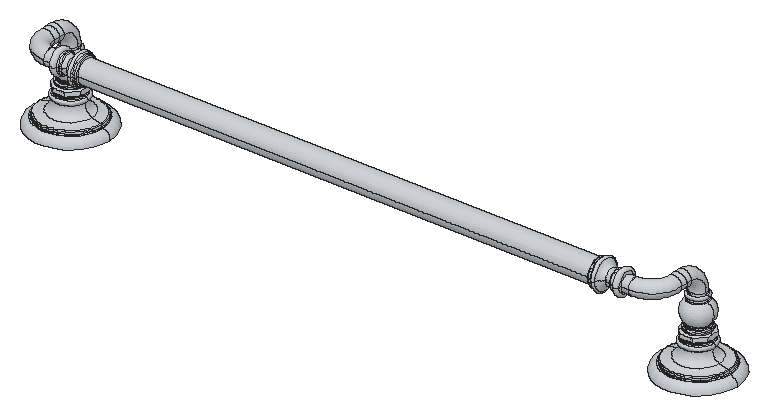
Revit family "Accessory-Towel_Bar-KOHLER-Artifacts-K-72568", category Specialty Equipment, host Face, Revit 2015
Parameters (values of type "CP-Polsihed Chrome")
  Width = 3 1/2"  # constant formula
  URL = "https://www.us.kohler.com/us/"
  Type = 1
  Product Page URL = "http://www.us.kohler.com/us/catalog/productDetails.jsp?productNumber=72568"
  Product Name = "Artifacts"  # constant formula
  Product Documentation Link = "http://www.us.kohler.com/onlinecatalog/pdf/K-72568_spec.pdf"
  Model = if(Type = 1, "K-72568-CP", if(Type = 2, "K-72568-SN", if(Type = 3, "K-72568-BN", if(Type = 4, "K-72568-BV", if(Type = 5, "K-72568-2BZ", if(Type = 6, "K-72568-VNT", "NA"))))))  # "K-72568-CP"
  Material = "Premium Metal Construction"  # constant formula
  MasterFormat 2004 = "10.28.13"  # constant formula
  MasterFormat 1995 = "10820"  # constant formula
  Manufacturer Address = "444 Highland Dr, Kohler, WI 53044"  # constant formula
  Manufacturer = "KOHLER Co."  # constant formula
  Length = 24"  # constant formula
  Height = 3"  # constant formula
  Finish = Kohler-Metal-CP-Polished_Chrome
  Environmental Product Declaration = ""
  Description = "24 Inch Towel Bar"  # constant formula
  Default Elevation = 42"
  Declare Label = ""
  Date Modified = "10/10/2018"  # constant formula
  Date Created = "10/10/2018"  # constant formula
  Copyright = "Copyright KOHLER Co."  # constant formula
  Contact Us = "https://www.us.kohler.com/us/static/contact.jsp"
  Assembly Code = "C1030200"
  ADA Compliant = 1 = 0  # no
Reference planes (in)
  plane 1 "Center (Front/Back)": y = 0
  plane 2: z = 0
  plane 3 "Center (Left/Right)": x = 0
  plane 4: x = -12
  plane 5: x = 12
  plane 6: y = -1.99907
  plane 7: y = 1.50093
  plane 8: y = -1.49907
  plane 9: z = 3.5
Dimensions and locks (in)
  "Length": plane 4 to plane 5
  equal spacing: plane 4, plane 3 "Center (Left/Right)", plane 5
  "Height": plane 7 to plane 8
  "Width": plane 2 to plane 9
  aligned and locked: plane 2 to host face
  aligned and locked: level to host face
  aligned and locked: plane 4 to nested 1
  aligned and locked: plane 5 to nested 1
Automatic sketch dimensions
  host sketch curve to host sketch curve = 96"  (x2)
Nested families (in)
  nested 1: "K-72568" at (0, 0, 0) x (-1, 0, 0) z (0, 0, 1), type "K-72568"
Definition of nested family "K-72568"
  Parameters (values of type "K-72568")
    Towel Bar Length = 24"
    Material = none
  Reference planes (in)
    plane 1 "Center (Front/Back)": y = 0
    plane 2: z = 0
    plane 3 "Center (Left/Right)": x = 0
    plane 4: y = 1.99907
    plane 5: y = -1.50093
    plane 6 "B": x = -12
    plane 7 "C": x = 12
    plane 8 "A": z = 3.5
  Forms (in)
    Revolve 1, solid, material <- "Material", detail levels medium+fine
      sketch origin (0, 0, 0) x (1, 0, 0) y (0, 0, 1)
        loop
          line (-12, 2.71528) -> (-12, 0) -> (-10.49907, 0)
          arc (-10.49907, 0) -> (-10.57054, 0.1994) -> (-10.7524, 0.30799) r 0.31389
          arc (-10.7524, 0.30799) -> (-10.77514, 0.3133) -> (-10.79746, 0.32019) r 0.33281
          arc (-10.79746, 0.32019) -> (-10.81457, 0.33302) -> (-10.82108, 0.35339) r 0.03516
          line (-10.82108, 0.35339) -> (-10.82108, 0.41171)
          arc (-10.82108, 0.41171) -> (-10.8288, 0.43197) -> (-10.84805, 0.44196) r 0.03045
          arc (-10.84805, 0.44196) -> (-11.02743, 0.47459) -> (-11.20101, 0.53036) r 1.39392
          arc (-11.20101, 0.53036) -> (-11.40093, 0.71815) -> (-11.41766, 0.99193) r 0.37177
          arc (-11.41766, 0.99193) -> (-11.40906, 1.00567) -> (-11.39504, 1.0138) r 0.03371
          arc (-11.39504, 1.0138) -> (-11.35097, 1.0821) -> (-11.41237, 1.13536) r 0.06202
          line (-11.41237, 1.13536) -> (-11.45712, 1.13536)
          arc (-11.45712, 1.13536) -> (-11.47922, 1.14452) -> (-11.48837, 1.16661) r 0.03125
          line (-11.48837, 1.16661) -> (-11.48837, 1.2193)
          arc (-11.48837, 1.2193) -> (-11.47622, 1.24925) -> (-11.44663, 1.26225) r 0.04297
          line (-11.44663, 1.26225) -> (-11.35559, 1.32681) -> (-11.35559, 1.40268) -> (-11.50016, 1.48615) -> (-11.53751, 1.48615)
          arc (-11.53751, 1.48615) -> (-11.51654, 1.49483) -> (-11.50786, 1.51579) r 0.02964
          line (-11.50786, 1.51579) -> (-11.50786, 1.5771)
          arc (-11.50786, 1.5771) -> (-11.51697, 1.59909) -> (-11.53896, 1.60819) r 0.0311
          line (-11.53896, 1.60819) -> (-11.57507, 1.60819)
          arc (-11.57507, 1.60819) -> (-11.59717, 1.61735) -> (-11.60632, 1.63944) r 0.03125
          line (-11.60632, 1.63944) -> (-11.60632, 1.68221)
          arc (-11.60632, 1.68221) -> (-11.60079, 1.7072) -> (-11.58523, 1.72752) r 0.05922
          arc (-11.58523, 1.72752) -> (-11.41679, 2.11247) -> (-11.6202, 2.48014) r 0.4743
          arc (-11.6202, 2.48014) -> (-11.63871, 2.50111) -> (-11.64539, 2.52828) r 0.05859
          line (-11.64539, 2.52828) -> (-11.64539, 2.61223)
          arc (-11.64539, 2.61223) -> (-11.6012, 2.66723) -> (-11.65286, 2.71528) r 0.0518
          line (-11.65286, 2.71528) -> (-12, 2.71528)
        axis (-12, 0) -> (-12, 2.71528)
      angle from 0 to 360
    Sweep 2, solid, material <- "Material", detail levels medium+fine
      path origin (0, 0.03576, 3.5) x (0, 1, 0) y (-1, 0, 0)
        loop
          line (1.96331, 10.87008) -> (1.96331, 11.17578)
          arc (1.96331, 11.17578) -> (1.7219, 11.75859) -> (1.13909, 12) r 0.82422
          line (1.13909, 12) -> (0.88909, 12)
      profile origin (-11.02293, 1.99907, 3.5) x (0, -1, 0) y (0, 0, 1)
        loop
          circle (0, 0) r 0.29625
    Revolve 3, solid, material <- "Material", detail levels medium+fine
      sketch origin (0, 0, 3.5) x (0, 1, 0) y (-1, 0, 0)
        loop
          line (1.99907, -10.87008) -> (2.36984, -10.87008)
          arc (2.36984, -10.87008) -> (2.47634, -10.76851) -> (2.37993, -10.65732) r 0.10662
          line (2.37993, -10.65732) -> (2.37993, -10.55096)
          arc (2.37993, -10.55096) -> (2.3751, -10.53201) -> (2.3618, -10.51767) r 0.03963
          arc (2.3618, -10.51767) -> (2.34714, -10.50584) -> (2.33531, -10.49119) r 0.08906
          arc (2.33531, -10.49119) -> (2.2988, -10.3972) -> (2.30242, -10.29642) r 0.24986
          arc (2.30242, -10.29642) -> (2.38658, -10.14924) -> (2.53612, -10.06934) r 0.3064
          arc (2.53612, -10.06934) -> (2.58471, -10.01588) -> (2.54959, -9.95274) r 0.06194
          arc (2.54959, -9.95274) -> (2.52491, -9.93096) -> (2.51573, -9.89935) r 0.05903
          line (2.51573, -9.89935) -> (2.51573, -9.81717)
          arc (2.51573, -9.81717) -> (2.50701, -9.79612) -> (2.48596, -9.7874) r 0.02977
          line (2.48596, -9.7874) -> (2.43316, -9.7874) -> (2.43316, 9.7874) -> (2.48596, 9.7874)
          arc (2.48596, 9.7874) -> (2.50701, 9.79612) -> (2.51573, 9.81717) r 0.02977
          line (2.51573, 9.81717) -> (2.51573, 9.89935)
          arc (2.51573, 9.89935) -> (2.52491, 9.93096) -> (2.54959, 9.95274) r 0.05903
          arc (2.54959, 9.95274) -> (2.58471, 10.01588) -> (2.53612, 10.06934) r 0.06194
          arc (2.53612, 10.06934) -> (2.38658, 10.14924) -> (2.30242, 10.29642) r 0.3064
          arc (2.30242, 10.29642) -> (2.2988, 10.3972) -> (2.33531, 10.49119) r 0.24986
          arc (2.33531, 10.49119) -> (2.34714, 10.50584) -> (2.3618, 10.51767) r 0.08906
          arc (2.3618, 10.51767) -> (2.3751, 10.53201) -> (2.37993, 10.55096) r 0.03963
          line (2.37993, 10.55096) -> (2.37993, 10.65732)
          arc (2.37993, 10.65732) -> (2.47634, 10.76851) -> (2.36984, 10.87008) r 0.10662
          line (2.36984, 10.87008) -> (2.29531, 10.87008) -> (1.99907, 10.87008) -> (1.99907, -10.87008)
        axis (1.99907, 10.87008) -> (1.99907, -10.87008)
      angle from 0 to 360
    Extrusion 4, void
      sketch origin (0, 0, 0) x (1, 0, 0) y (0, 1, 0)
        loop
          line (-12.5625, 0.233) -> (-12.5625, -0.233) -> (-12.233, -0.5625) -> (-11.767, -0.5625) -> (-11.4375, -0.233) -> (-11.4375, 0.233) -> (-11.767, 0.5625) -> (-12.233, 0.5625) -> (-12.5625, 0.233)
        loop
          circle (-12, 0) r 0.8824
      from 1.25114 to 1.48615
    Revolve 5, solid, material <- "Material", detail levels coarse
      sketch origin (0, 0, 0) x (1, 0, 0) y (0, 0, 1)
        loop
          line (-12, 0) -> (-12, 3.06322) -> (-12.29529, 3.06322) -> (-12.29529, 2.71528) -> (-12.42493, 2.71528) -> (-13.50093, 0) -> (-12, 0)
        axis (-12, 0) -> (-12, 3.06322)
      angle from 0 to 360
    Extrusion 6, solid, material <- "Material", detail levels coarse
      sketch origin (0, 0, 0) x (1, 0, 0) y (0, 1, 0)
        loop
          line (-12.39407, -0.36557) -> (-11.62654, -0.36557) -> (-11.62654, 1.41301) -> (11.59173, 1.41301) -> (11.59173, -0.34297) -> (12.38774, -0.34297) -> (12.38774, 2.58512) -> (-12.39407, 2.58512) -> (-12.39407, -0.36557)
      from 2.9322 to 4.09825
    Revolve 7, solid, material <- "Material", detail levels coarse
      sketch origin (0, 0, 0) x (-1, 0, 0) y (0, 0, 1)
        loop
          line (-12, 0) -> (-12, 3.08391) -> (-12.29529, 3.08391) -> (-12.29529, 2.71528) -> (-12.42493, 2.71528) -> (-13.50093, 0) -> (-12, 0)
        axis (-12, 0) -> (-12, 3.08391)
      angle from 0 to 360
    Sweep 8, solid, material <- "Material", detail levels medium+fine
      path origin (-12, 0, 0) x (0, 0, -1) y (0, -1, 0)
        loop
          line (-3.5, -0.92485) -> (-3.5, -0.69922)
          arc (-3.5, -0.69922) -> (-3.2952, -0.2048) -> (-2.80078, 0) r 0.69922
          line (-2.80078, 0) -> (-2.71528, 0)
      profile origin (-12, 0, 2.75803) x (-1, 0, 0) y (0, -1, 0)
        loop
          circle (0, 0) r 0.29625
    Sweep 9, solid, material <- "Material", detail levels medium+fine
      path origin (12, 0, 0) x (0, 0, -1) y (0, -1, 0)
        loop
          line (-3.5, -0.92485) -> (-3.5, -0.69922)
          arc (-3.5, -0.69922) -> (-3.2952, -0.2048) -> (-2.80078, 0) r 0.69922
          line (-2.80078, 0) -> (-2.71528, 0)
      profile origin (12, 0, 2.75803) x (-1, 0, 0) y (0, -1, 0)
        loop
          circle (0, 0) r 0.29625
    Sweep 10, solid, material <- "Material", detail levels medium+fine
      path origin (0, 0.03576, 3.5) x (0, 1, 0) y (1, 0, 0)
        loop
          line (1.96331, 10.87008) -> (1.96331, 11.17578)
          arc (1.96331, 11.17578) -> (1.7219, 11.75859) -> (1.13909, 12) r 0.82422
          line (1.13909, 12) -> (0.88909, 12)
      profile origin (11.02293, 1.99907, 3.5) x (0, 1, 0) y (0, 0, 1)
        loop
          circle (0, 0) r 0.29625
    Revolve 11, solid, material <- "Material", detail levels medium+fine
      sketch origin (0, 0, 0) x (-1, 0, 0) y (0, 0, 1)
        loop
          line (-12, 2.71528) -> (-12, 0) -> (-10.49907, 0)
          arc (-10.49907, 0) -> (-10.57054, 0.1994) -> (-10.7524, 0.30799) r 0.31389
          arc (-10.7524, 0.30799) -> (-10.77514, 0.3133) -> (-10.79746, 0.32019) r 0.33281
          arc (-10.79746, 0.32019) -> (-10.81457, 0.33302) -> (-10.82108, 0.35339) r 0.03516
          line (-10.82108, 0.35339) -> (-10.82108, 0.41171)
          arc (-10.82108, 0.41171) -> (-10.8288, 0.43197) -> (-10.84805, 0.44196) r 0.03045
          arc (-10.84805, 0.44196) -> (-11.02743, 0.47459) -> (-11.20101, 0.53036) r 1.39392
          arc (-11.20101, 0.53036) -> (-11.40093, 0.71815) -> (-11.41766, 0.99193) r 0.37177
          arc (-11.41766, 0.99193) -> (-11.40906, 1.00567) -> (-11.39504, 1.0138) r 0.03371
          arc (-11.39504, 1.0138) -> (-11.35097, 1.0821) -> (-11.41237, 1.13536) r 0.06202
          line (-11.41237, 1.13536) -> (-11.45712, 1.13536)
          arc (-11.45712, 1.13536) -> (-11.47922, 1.14452) -> (-11.48837, 1.16661) r 0.03125
          line (-11.48837, 1.16661) -> (-11.48837, 1.2193)
          arc (-11.48837, 1.2193) -> (-11.47622, 1.24925) -> (-11.44663, 1.26225) r 0.04297
          line (-11.44663, 1.26225) -> (-11.35559, 1.32681) -> (-11.35559, 1.40268) -> (-11.50016, 1.48615) -> (-11.53751, 1.48615)
          arc (-11.53751, 1.48615) -> (-11.51654, 1.49483) -> (-11.50786, 1.51579) r 0.02964
          line (-11.50786, 1.51579) -> (-11.50786, 1.5771)
          arc (-11.50786, 1.5771) -> (-11.51697, 1.59909) -> (-11.53896, 1.60819) r 0.0311
          line (-11.53896, 1.60819) -> (-11.57507, 1.60819)
          arc (-11.57507, 1.60819) -> (-11.59717, 1.61735) -> (-11.60632, 1.63944) r 0.03125
          line (-11.60632, 1.63944) -> (-11.60632, 1.68221)
          arc (-11.60632, 1.68221) -> (-11.60079, 1.7072) -> (-11.58523, 1.72752) r 0.05922
          arc (-11.58523, 1.72752) -> (-11.41679, 2.11247) -> (-11.6202, 2.48014) r 0.4743
          arc (-11.6202, 2.48014) -> (-11.63871, 2.50111) -> (-11.64539, 2.52828) r 0.05859
          line (-11.64539, 2.52828) -> (-11.64539, 2.61223)
          arc (-11.64539, 2.61223) -> (-11.6012, 2.66723) -> (-11.65286, 2.71528) r 0.0518
          line (-11.65286, 2.71528) -> (-12, 2.71528)
        axis (-12, 0) -> (-12, 2.71528)
      angle from 0 to 360
    Extrusion 12, void
      sketch origin (0, 0, 0) x (-1, 0, 0) y (0, -1, 0)
        loop
          line (-12.5625, -0.233) -> (-12.233, -0.5625) -> (-11.767, -0.5625) -> (-11.4375, -0.233) -> (-11.4375, 0.233) -> (-11.767, 0.5625) -> (-12.233, 0.5625) -> (-12.5625, 0.233) -> (-12.5625, -0.233)
        loop
          circle (-12, 0) r 0.8824
      from 1.25114 to 1.48615
  Cuts and joins
    Extrusion 12 cuts Revolve 5
    joined: Revolve 5, Extrusion 6, Revolve 7
    Extrusion 4, Extrusion 12 cuts Revolve 1
    Extrusion 12 cuts Sweep 2
    Extrusion 12 cuts Revolve 3
    Extrusion 12 cuts Sweep 8
    Extrusion 12 cuts Revolve 11
    joined: Revolve 1, Sweep 2, Revolve 3, Sweep 8, Sweep 9, Sweep 10, Revolve 11
  Lines and regions (in)
    Masking region 1
      outline origin (0, 0, 0) x (1, 0, 0) y (0, 0, 1)
        loop
          line (-12, 0) -> (-10.49907, 0)
          arc (-10.49907, 0) -> (-10.57054, 0.1994) -> (-10.7524, 0.30799) r 0.31389
          arc (-10.7524, 0.30799) -> (-10.77514, 0.3133) -> (-10.79746, 0.32019) r 0.33281
          arc (-10.79746, 0.32019) -> (-10.81457, 0.33302) -> (-10.82108, 0.35339) r 0.03516
          line (-10.82108, 0.35339) -> (-10.82108, 0.41171)
          arc (-10.82108, 0.41171) -> (-10.8288, 0.43197) -> (-10.84805, 0.44196) r 0.03045
          arc (-10.84805, 0.44196) -> (-11.02743, 0.47459) -> (-11.20101, 0.53036) r 1.39392
          arc (-11.20101, 0.53036) -> (-11.40093, 0.71815) -> (-11.41766, 0.99193) r 0.37177
          arc (-11.41766, 0.99193) -> (-11.40906, 1.00567) -> (-11.39504, 1.0138) r 0.03371
          arc (-11.39504, 1.0138) -> (-11.35097, 1.0821) -> (-11.41237, 1.13536) r 0.06202
          line (-11.41237, 1.13536) -> (-11.45712, 1.13536)
          arc (-11.45712, 1.13536) -> (-11.47922, 1.14452) -> (-11.48837, 1.16661) r 0.03125
          line (-11.48837, 1.16661) -> (-11.48837, 1.2193)
          arc (-11.48837, 1.2193) -> (-11.48271, 1.24062) -> (-11.46722, 1.25632) r 0.04297
          line (-11.46722, 1.25632) -> (-11.4375, 1.26872) -> (-11.4375, 1.44997) -> (-11.50016, 1.48615) -> (-11.53751, 1.48615)
          arc (-11.53751, 1.48615) -> (-11.51654, 1.49483) -> (-11.50786, 1.51579) r 0.02964
          line (-11.50786, 1.51579) -> (-11.50786, 1.5771)
          arc (-11.50786, 1.5771) -> (-11.51697, 1.59909) -> (-11.53896, 1.60819) r 0.0311
          line (-11.53896, 1.60819) -> (-11.57507, 1.60819)
          arc (-11.57507, 1.60819) -> (-11.59717, 1.61735) -> (-11.60632, 1.63944) r 0.03125
          line (-11.60632, 1.63944) -> (-11.60632, 1.68221)
          arc (-11.60632, 1.68221) -> (-11.60079, 1.7072) -> (-11.58523, 1.72752) r 0.05922
          arc (-11.58523, 1.72752) -> (-11.41679, 2.11247) -> (-11.6202, 2.48014) r 0.4743
          arc (-11.6202, 2.48014) -> (-11.63871, 2.50111) -> (-11.64539, 2.52828) r 0.05859
          line (-11.64539, 2.52828) -> (-11.64539, 2.61223)
          arc (-11.64539, 2.61223) -> (-11.6012, 2.66723) -> (-11.65286, 2.71528) r 0.0518
          line (-11.65286, 2.71528) -> (-11.70375, 2.71528) -> (-11.70375, 3.20375) -> (-10.87008, 3.20375) -> (-10.87008, 3.12923)
          arc (-10.87008, 3.12923) -> (-10.76851, 3.02273) -> (-10.65732, 3.11914) r 0.10662
          line (-10.65732, 3.11914) -> (-10.55096, 3.11914)
          arc (-10.55096, 3.11914) -> (-10.53201, 3.12397) -> (-10.51767, 3.13727) r 0.03963
          arc (-10.51767, 3.13727) -> (-10.50584, 3.15192) -> (-10.49119, 3.16376) r 0.08906
          arc (-10.49119, 3.16376) -> (-10.3972, 3.20027) -> (-10.29642, 3.19665) r 0.24986
          arc (-10.29642, 3.19665) -> (-10.14924, 3.11249) -> (-10.06934, 2.96294) r 0.3064
          arc (-10.06934, 2.96294) -> (-10.01588, 2.91435) -> (-9.95274, 2.94947) r 0.06194
          arc (-9.95274, 2.94947) -> (-9.93096, 2.97416) -> (-9.89935, 2.98333) r 0.05903
          line (-9.89935, 2.98333) -> (-9.81717, 2.98333)
          arc (-9.81717, 2.98333) -> (-9.79612, 2.99205) -> (-9.7874, 3.0131) r 0.02977
          line (-9.7874, 3.0131) -> (-9.7874, 3.06591) -> (9.7874, 3.06591) -> (9.7874, 3.0131)
          arc (9.7874, 3.0131) -> (9.79612, 2.99205) -> (9.81717, 2.98333) r 0.02977
          line (9.81717, 2.98333) -> (9.89935, 2.98333)
          arc (9.89935, 2.98333) -> (9.93096, 2.97416) -> (9.95274, 2.94947) r 0.05903
          arc (9.95274, 2.94947) -> (10.01588, 2.91435) -> (10.06934, 2.96294) r 0.06194
          arc (10.06934, 2.96294) -> (10.14924, 3.11249) -> (10.29642, 3.19665) r 0.3064
          arc (10.29642, 3.19665) -> (10.3972, 3.20027) -> (10.49119, 3.16376) r 0.24986
          arc (10.49119, 3.16376) -> (10.50584, 3.15192) -> (10.51767, 3.13727) r 0.08906
          arc (10.51767, 3.13727) -> (10.53201, 3.12397) -> (10.55096, 3.11914) r 0.03963
          line (10.55096, 3.11914) -> (10.65732, 3.11914)
          arc (10.65732, 3.11914) -> (10.76851, 3.02273) -> (10.87008, 3.12923) r 0.10662
          line (10.87008, 3.12923) -> (10.87008, 3.20375) -> (11.70375, 3.20375) -> (11.70375, 2.71528) -> (11.65286, 2.71528)
          arc (11.65286, 2.71528) -> (11.6012, 2.66723) -> (11.64539, 2.61223) r 0.0518
          line (11.64539, 2.61223) -> (11.64539, 2.52828)
          arc (11.64539, 2.52828) -> (11.63871, 2.50111) -> (11.6202, 2.48014) r 0.05859
          arc (11.6202, 2.48014) -> (11.41679, 2.11247) -> (11.58523, 1.72752) r 0.4743
          arc (11.58523, 1.72752) -> (11.60079, 1.7072) -> (11.60632, 1.68221) r 0.05922
          line (11.60632, 1.68221) -> (11.60632, 1.63944)
          arc (11.60632, 1.63944) -> (11.59717, 1.61735) -> (11.57507, 1.60819) r 0.03125
          line (11.57507, 1.60819) -> (11.53896, 1.60819)
          arc (11.53896, 1.60819) -> (11.51697, 1.59909) -> (11.50786, 1.5771) r 0.0311
          line (11.50786, 1.5771) -> (11.50786, 1.51579)
          arc (11.50786, 1.51579) -> (11.51654, 1.49483) -> (11.53751, 1.48615) r 0.02964
          line (11.53751, 1.48615) -> (11.50016, 1.48615) -> (11.4375, 1.44997) -> (11.4375, 1.26872) -> (11.46722, 1.25632)
          arc (11.46722, 1.25632) -> (11.48271, 1.24062) -> (11.48837, 1.2193) r 0.04297
          line (11.48837, 1.2193) -> (11.48837, 1.16661)
          arc (11.48837, 1.16661) -> (11.47922, 1.14452) -> (11.45712, 1.13536) r 0.03125
          line (11.45712, 1.13536) -> (11.41237, 1.13536)
          arc (11.41237, 1.13536) -> (11.35097, 1.0821) -> (11.39504, 1.0138) r 0.06202
          arc (11.39504, 1.0138) -> (11.40906, 1.00567) -> (11.41766, 0.99193) r 0.03371
          arc (11.41766, 0.99193) -> (11.40093, 0.71815) -> (11.20101, 0.53036) r 0.37177
          arc (11.20101, 0.53036) -> (11.02743, 0.47459) -> (10.84805, 0.44196) r 1.39392
          arc (10.84805, 0.44196) -> (10.8288, 0.43197) -> (10.82108, 0.41171) r 0.03045
          line (10.82108, 0.41171) -> (10.82108, 0.35339)
          arc (10.82108, 0.35339) -> (10.81457, 0.33302) -> (10.79746, 0.32019) r 0.03516
          arc (10.79746, 0.32019) -> (10.77514, 0.3133) -> (10.7524, 0.30799) r 0.33281
          arc (10.7524, 0.30799) -> (10.57054, 0.1994) -> (10.49907, 0) r 0.31389
          line (10.49907, 0) -> (12, 0) -> (13.50093, 0)
          arc (13.50093, 0) -> (13.42946, 0.1994) -> (13.2476, 0.30799) r 0.31389
          arc (13.2476, 0.30799) -> (13.22486, 0.3133) -> (13.20254, 0.32019) r 0.33281
          arc (13.20254, 0.32019) -> (13.18543, 0.33302) -> (13.17892, 0.35339) r 0.03516
          line (13.17892, 0.35339) -> (13.17892, 0.41171)
          arc (13.17892, 0.41171) -> (13.1712, 0.43197) -> (13.15195, 0.44196) r 0.03045
          arc (13.15195, 0.44196) -> (12.97257, 0.47459) -> (12.79899, 0.53036) r 1.39392
          arc (12.79899, 0.53036) -> (12.59907, 0.71815) -> (12.58234, 0.99193) r 0.37177
          arc (12.58234, 0.99193) -> (12.59094, 1.00567) -> (12.60496, 1.0138) r 0.03371
          arc (12.60496, 1.0138) -> (12.64903, 1.0821) -> (12.58763, 1.13536) r 0.06202
          line (12.58763, 1.13536) -> (12.54288, 1.13536)
          arc (12.54288, 1.13536) -> (12.52078, 1.14452) -> (12.51163, 1.16661) r 0.03125
          line (12.51163, 1.16661) -> (12.51163, 1.2193)
          arc (12.51163, 1.2193) -> (12.51729, 1.24062) -> (12.53278, 1.25632) r 0.04297
          line (12.53278, 1.25632) -> (12.5625, 1.26872) -> (12.5625, 1.44997) -> (12.49984, 1.48615) -> (12.46249, 1.48615)
          arc (12.46249, 1.48615) -> (12.48346, 1.49483) -> (12.49214, 1.51579) r 0.02964
          line (12.49214, 1.51579) -> (12.49214, 1.5771)
          arc (12.49214, 1.5771) -> (12.48303, 1.59909) -> (12.46104, 1.60819) r 0.0311
          line (12.46104, 1.60819) -> (12.42493, 1.60819)
          arc (12.42493, 1.60819) -> (12.40283, 1.61735) -> (12.39368, 1.63944) r 0.03125
          line (12.39368, 1.63944) -> (12.39368, 1.68221)
          arc (12.39368, 1.68221) -> (12.39921, 1.7072) -> (12.41477, 1.72752) r 0.05922
          arc (12.41477, 1.72752) -> (12.58321, 2.11247) -> (12.3798, 2.48014) r 0.4743
          arc (12.3798, 2.48014) -> (12.36129, 2.50111) -> (12.35461, 2.52828) r 0.05859
          line (12.35461, 2.52828) -> (12.35461, 2.61223)
          arc (12.35461, 2.61223) -> (12.3988, 2.66723) -> (12.34714, 2.71528) r 0.0518
          line (12.34714, 2.71528) -> (12.29625, 2.71528) -> (12.29625, 3.5)
          arc (12.29625, 3.5) -> (12.20914, 3.70982) -> (11.99904, 3.79625) r 0.29625
          line (11.99904, 3.79625) -> (10.87008, 3.79625) -> (10.87008, 3.87077)
          arc (10.87008, 3.87077) -> (10.76851, 3.97727) -> (10.65732, 3.88086) r 0.10662
          line (10.65732, 3.88086) -> (10.55096, 3.88086)
          arc (10.55096, 3.88086) -> (10.53201, 3.87603) -> (10.51767, 3.86273) r 0.03963
          arc (10.51767, 3.86273) -> (10.50584, 3.84808) -> (10.49119, 3.83624) r 0.08906
          arc (10.49119, 3.83624) -> (10.3972, 3.79973) -> (10.29642, 3.80335) r 0.24986
          arc (10.29642, 3.80335) -> (10.14924, 3.88751) -> (10.06934, 4.03706) r 0.3064
          arc (10.06934, 4.03706) -> (10.01588, 4.08565) -> (9.95274, 4.05053) r 0.06194
          arc (9.95274, 4.05053) -> (9.93096, 4.02584) -> (9.89935, 4.01667) r 0.05903
          line (9.89935, 4.01667) -> (9.81717, 4.01667)
          arc (9.81717, 4.01667) -> (9.79612, 4.00795) -> (9.7874, 3.9869) r 0.02977
          line (9.7874, 3.9869) -> (9.7874, 3.93409) -> (-9.7874, 3.93409) -> (-9.7874, 3.9869)
          arc (-9.7874, 3.9869) -> (-9.79612, 4.00795) -> (-9.81717, 4.01667) r 0.02977
          line (-9.81717, 4.01667) -> (-9.89935, 4.01667)
          arc (-9.89935, 4.01667) -> (-9.93096, 4.02584) -> (-9.95274, 4.05053) r 0.05903
          arc (-9.95274, 4.05053) -> (-10.01588, 4.08565) -> (-10.06934, 4.03706) r 0.06194
          arc (-10.06934, 4.03706) -> (-10.14924, 3.88751) -> (-10.29642, 3.80335) r 0.3064
          arc (-10.29642, 3.80335) -> (-10.3972, 3.79973) -> (-10.49119, 3.83624) r 0.24986
          arc (-10.49119, 3.83624) -> (-10.50584, 3.84808) -> (-10.51767, 3.86273) r 0.08906
          arc (-10.51767, 3.86273) -> (-10.53201, 3.87603) -> (-10.55096, 3.88086) r 0.03963
          line (-10.55096, 3.88086) -> (-10.65732, 3.88086)
          arc (-10.65732, 3.88086) -> (-10.76851, 3.97727) -> (-10.87008, 3.87077) r 0.10662
          line (-10.87008, 3.87077) -> (-10.87008, 3.79625) -> (-11.99904, 3.79625)
          arc (-11.99904, 3.79625) -> (-12.20914, 3.70982) -> (-12.29625, 3.5) r 0.29625
          line (-12.29625, 3.5) -> (-12.29625, 2.71528) -> (-12.34714, 2.71528)
          arc (-12.34714, 2.71528) -> (-12.3988, 2.66723) -> (-12.35461, 2.61223) r 0.0518
          line (-12.35461, 2.61223) -> (-12.35461, 2.52828)
          arc (-12.35461, 2.52828) -> (-12.36129, 2.50111) -> (-12.3798, 2.48014) r 0.05859
          arc (-12.3798, 2.48014) -> (-12.58321, 2.11247) -> (-12.41477, 1.72752) r 0.4743
          arc (-12.41477, 1.72752) -> (-12.39921, 1.7072) -> (-12.39368, 1.68221) r 0.05922
          line (-12.39368, 1.68221) -> (-12.39368, 1.63944)
          arc (-12.39368, 1.63944) -> (-12.40283, 1.61735) -> (-12.42493, 1.60819) r 0.03125
          line (-12.42493, 1.60819) -> (-12.46104, 1.60819)
          arc (-12.46104, 1.60819) -> (-12.48303, 1.59909) -> (-12.49214, 1.5771) r 0.0311
          line (-12.49214, 1.5771) -> (-12.49214, 1.51579)
          arc (-12.49214, 1.51579) -> (-12.48346, 1.49483) -> (-12.46249, 1.48615) r 0.02964
          line (-12.46249, 1.48615) -> (-12.49984, 1.48615) -> (-12.5625, 1.44997) -> (-12.5625, 1.26872) -> (-12.53278, 1.25632)
          arc (-12.53278, 1.25632) -> (-12.51729, 1.24062) -> (-12.51163, 1.2193) r 0.04297
          line (-12.51163, 1.2193) -> (-12.51163, 1.16661)
          arc (-12.51163, 1.16661) -> (-12.52078, 1.14452) -> (-12.54288, 1.13536) r 0.03125
          line (-12.54288, 1.13536) -> (-12.58763, 1.13536)
          arc (-12.58763, 1.13536) -> (-12.64903, 1.0821) -> (-12.60496, 1.0138) r 0.06202
          arc (-12.60496, 1.0138) -> (-12.59094, 1.00567) -> (-12.58234, 0.99193) r 0.03371
          arc (-12.58234, 0.99193) -> (-12.59907, 0.71815) -> (-12.79899, 0.53036) r 0.37177
          arc (-12.79899, 0.53036) -> (-12.97257, 0.47459) -> (-13.15195, 0.44196) r 1.39392
          arc (-13.15195, 0.44196) -> (-13.1712, 0.43197) -> (-13.17892, 0.41171) r 0.03045
          line (-13.17892, 0.41171) -> (-13.17892, 0.35339)
          arc (-13.17892, 0.35339) -> (-13.18543, 0.33302) -> (-13.20254, 0.32019) r 0.03516
          arc (-13.20254, 0.32019) -> (-13.22486, 0.3133) -> (-13.2476, 0.30799) r 0.33281
          arc (-13.2476, 0.30799) -> (-13.42946, 0.1994) -> (-13.50093, 0) r 0.31389
          line (-13.50093, 0) -> (-12, 0)
    Masking region 2
      outline origin (0, 0, 0) x (0, 1, 0) y (0, 0, 1)
        loop
          line (0, 0) -> (1.50093, 0)
          arc (1.50093, 0) -> (1.42946, 0.1994) -> (1.2476, 0.30799) r 0.31389
          arc (1.2476, 0.30799) -> (1.22486, 0.3133) -> (1.20254, 0.32019) r 0.33281
          arc (1.20254, 0.32019) -> (1.18543, 0.33302) -> (1.17892, 0.35339) r 0.03516
          line (1.17892, 0.35339) -> (1.17892, 0.41171)
          arc (1.17892, 0.41171) -> (1.1712, 0.43197) -> (1.15195, 0.44196) r 0.03045
          arc (1.15195, 0.44196) -> (0.97257, 0.47459) -> (0.79899, 0.53036) r 1.39392
          arc (0.79899, 0.53036) -> (0.59907, 0.71815) -> (0.58234, 0.99193) r 0.37177
          arc (0.58234, 0.99193) -> (0.59094, 1.00567) -> (0.60496, 1.0138) r 0.03371
          arc (0.60496, 1.0138) -> (0.64903, 1.0821) -> (0.58763, 1.13536) r 0.06202
          line (0.58763, 1.13536) -> (0.54288, 1.13536)
          arc (0.54288, 1.13536) -> (0.52078, 1.14452) -> (0.51163, 1.16661) r 0.03125
          line (0.51163, 1.16661) -> (0.51163, 1.2193)
          arc (0.51163, 1.2193) -> (0.51671, 1.23957) -> (0.53076, 1.25505) r 0.04297
          line (0.53076, 1.25505) -> (0.5625, 1.26873) -> (0.5625, 1.44997) -> (0.49984, 1.48615) -> (0.46249, 1.48615)
          arc (0.46249, 1.48615) -> (0.48346, 1.49483) -> (0.49214, 1.51579) r 0.02964
          line (0.49214, 1.51579) -> (0.49214, 1.5771)
          arc (0.49214, 1.5771) -> (0.48303, 1.59909) -> (0.46104, 1.60819) r 0.0311
          line (0.46104, 1.60819) -> (0.42493, 1.60819)
          arc (0.42493, 1.60819) -> (0.40283, 1.61735) -> (0.39368, 1.63944) r 0.03125
          line (0.39368, 1.63944) -> (0.39368, 1.68221)
          arc (0.39368, 1.68221) -> (0.39921, 1.7072) -> (0.41477, 1.72752) r 0.05922
          arc (0.41477, 1.72752) -> (0.58321, 2.11247) -> (0.3798, 2.48014) r 0.4743
          arc (0.3798, 2.48014) -> (0.36129, 2.50111) -> (0.35461, 2.52828) r 0.05859
          line (0.35461, 2.52828) -> (0.35461, 2.61223)
          arc (0.35461, 2.61223) -> (0.3988, 2.66723) -> (0.34714, 2.71528) r 0.0518
          line (0.34714, 2.71528) -> (0.29625, 2.71528) -> (0.29625, 2.82558)
          arc (0.29625, 2.82558) -> (0.42429, 3.09453) -> (0.70142, 3.20377) r 0.40613
          line (0.70142, 3.20377) -> (1.49347, 3.20377)
          arc (1.49347, 3.20377) -> (2.58505, 3.5) -> (1.49347, 3.79623) r 0.58599
          line (1.49347, 3.79623) -> (0.70168, 3.79483)
          arc (0.70168, 3.79483) -> (-0.00364, 3.50483) -> (-0.2961, 2.80051) r 0.99432
          line (-0.2961, 2.80051) -> (-0.2961, 2.71528) -> (-0.34714, 2.71528)
          arc (-0.34714, 2.71528) -> (-0.3988, 2.66723) -> (-0.35461, 2.61223) r 0.0518
          line (-0.35461, 2.61223) -> (-0.35461, 2.52828)
          arc (-0.35461, 2.52828) -> (-0.36129, 2.50111) -> (-0.3798, 2.48014) r 0.05859
          arc (-0.3798, 2.48014) -> (-0.58321, 2.11247) -> (-0.41477, 1.72752) r 0.4743
          arc (-0.41477, 1.72752) -> (-0.39921, 1.7072) -> (-0.39368, 1.68221) r 0.05922
          line (-0.39368, 1.68221) -> (-0.39368, 1.63944)
          arc (-0.39368, 1.63944) -> (-0.40283, 1.61735) -> (-0.42493, 1.60819) r 0.03125
          line (-0.42493, 1.60819) -> (-0.46104, 1.60819)
          arc (-0.46104, 1.60819) -> (-0.48303, 1.59909) -> (-0.49214, 1.5771) r 0.0311
          line (-0.49214, 1.5771) -> (-0.49214, 1.51579)
          arc (-0.49214, 1.51579) -> (-0.48346, 1.49483) -> (-0.46249, 1.48615) r 0.02964
          line (-0.46249, 1.48615) -> (-0.49984, 1.48615) -> (-0.5625, 1.44997) -> (-0.5625, 1.26873) -> (-0.53076, 1.25505)
          arc (-0.53076, 1.25505) -> (-0.51671, 1.23957) -> (-0.51163, 1.2193) r 0.04297
          line (-0.51163, 1.2193) -> (-0.51163, 1.16661)
          arc (-0.51163, 1.16661) -> (-0.52078, 1.14452) -> (-0.54288, 1.13536) r 0.03125
          line (-0.54288, 1.13536) -> (-0.58763, 1.13536)
          arc (-0.58763, 1.13536) -> (-0.64903, 1.0821) -> (-0.60496, 1.0138) r 0.06202
          arc (-0.60496, 1.0138) -> (-0.59094, 1.00567) -> (-0.58234, 0.99193) r 0.03371
          arc (-0.58234, 0.99193) -> (-0.59907, 0.71815) -> (-0.79899, 0.53036) r 0.37177
          arc (-0.79899, 0.53036) -> (-0.97257, 0.47459) -> (-1.15195, 0.44196) r 1.39392
          arc (-1.15195, 0.44196) -> (-1.1712, 0.43197) -> (-1.17892, 0.41171) r 0.03045
          line (-1.17892, 0.41171) -> (-1.17892, 0.35339)
          arc (-1.17892, 0.35339) -> (-1.18543, 0.33302) -> (-1.20254, 0.32019) r 0.03516
          arc (-1.20254, 0.32019) -> (-1.22486, 0.3133) -> (-1.2476, 0.30799) r 0.33281
          arc (-1.2476, 0.30799) -> (-1.42946, 0.1994) -> (-1.50093, 0) r 0.31389
          line (-1.50093, 0) -> (0, 0)
    Masking region 3
      outline origin (0, 0, 0) x (1, 0, 0) y (0, 1, 0)
        loop
          line (-10.87008, 2.36984) -> (-10.87008, 2.29533) -> (-11.23211, 2.29533)
          arc (-11.23211, 2.29533) -> (-11.87444, 2.05219) -> (-12.25406, 1.47984) r 1.11993
          arc (-12.25406, 1.47984) -> (-12.06275, -1.49974) -> (-11.62437, 1.45362) r 1.50124
          arc (-11.62437, 1.45362) -> (-11.43172, 1.63653) -> (-11.17453, 1.70306) r 0.53033
          line (-11.17453, 1.70306) -> (-10.87008, 1.70306) -> (-10.87008, 1.62829)
          arc (-10.87008, 1.62829) -> (-10.76851, 1.52179) -> (-10.65732, 1.6182) r 0.10662
          line (-10.65732, 1.6182) -> (-10.55096, 1.6182)
          arc (-10.55096, 1.6182) -> (-10.53201, 1.62303) -> (-10.51767, 1.63633) r 0.03963
          arc (-10.51767, 1.63633) -> (-10.50584, 1.65099) -> (-10.49119, 1.66282) r 0.08906
          arc (-10.49119, 1.66282) -> (-10.3972, 1.69933) -> (-10.29642, 1.69571) r 0.24986
          arc (-10.29642, 1.69571) -> (-10.14924, 1.61155) -> (-10.06934, 1.46201) r 0.3064
          arc (-10.06934, 1.46201) -> (-10.01588, 1.41342) -> (-9.95274, 1.44854) r 0.06194
          arc (-9.95274, 1.44854) -> (-9.93096, 1.47322) -> (-9.89935, 1.4824) r 0.05903
          line (-9.89935, 1.4824) -> (-9.81717, 1.4824)
          arc (-9.81717, 1.4824) -> (-9.79612, 1.49112) -> (-9.7874, 1.51217) r 0.02977
          line (-9.7874, 1.51217) -> (-9.7874, 1.56497) -> (9.7874, 1.56497) -> (9.7874, 1.51217)
          arc (9.7874, 1.51217) -> (9.79612, 1.49112) -> (9.81717, 1.4824) r 0.02977
          line (9.81717, 1.4824) -> (9.89935, 1.4824)
          arc (9.89935, 1.4824) -> (9.93096, 1.47322) -> (9.95274, 1.44854) r 0.05903
          arc (9.95274, 1.44854) -> (10.01588, 1.41342) -> (10.06934, 1.46201) r 0.06194
          arc (10.06934, 1.46201) -> (10.14924, 1.61155) -> (10.29642, 1.69571) r 0.3064
          arc (10.29642, 1.69571) -> (10.3972, 1.69933) -> (10.49119, 1.66282) r 0.24986
          arc (10.49119, 1.66282) -> (10.50584, 1.65099) -> (10.51767, 1.63633) r 0.08906
          arc (10.51767, 1.63633) -> (10.53201, 1.62303) -> (10.55096, 1.6182) r 0.03963
          line (10.55096, 1.6182) -> (10.65732, 1.6182)
          arc (10.65732, 1.6182) -> (10.76851, 1.52179) -> (10.87008, 1.62829) r 0.10662
          line (10.87008, 1.62829) -> (10.87008, 1.70378) -> (11.17446, 1.70378)
          arc (11.17446, 1.70378) -> (11.43216, 1.63695) -> (11.6249, 1.45331) r 0.53025
          arc (11.6249, 1.45331) -> (12.06237, -1.49964) -> (12.25313, 1.47943) r 1.50093
          arc (12.25313, 1.47943) -> (11.8514, 2.06766) -> (11.17611, 2.29435) r 1.11918
          line (11.17611, 2.29435) -> (10.87008, 2.29435) -> (10.87008, 2.36984)
          arc (10.87008, 2.36984) -> (10.76851, 2.47634) -> (10.65732, 2.37993) r 0.10662
          line (10.65732, 2.37993) -> (10.55096, 2.37993)
          arc (10.55096, 2.37993) -> (10.53201, 2.3751) -> (10.51767, 2.3618) r 0.03963
          arc (10.51767, 2.3618) -> (10.50584, 2.34714) -> (10.49119, 2.33531) r 0.08906
          arc (10.49119, 2.33531) -> (10.3972, 2.2988) -> (10.29642, 2.30242) r 0.24986
          arc (10.29642, 2.30242) -> (10.14924, 2.38658) -> (10.06934, 2.53612) r 0.3064
          arc (10.06934, 2.53612) -> (10.01588, 2.58471) -> (9.95274, 2.54959) r 0.06194
          arc (9.95274, 2.54959) -> (9.93096, 2.52491) -> (9.89935, 2.51573) r 0.05903
          line (9.89935, 2.51573) -> (9.81717, 2.51573)
          arc (9.81717, 2.51573) -> (9.79612, 2.50701) -> (9.7874, 2.48596) r 0.02977
          line (9.7874, 2.48596) -> (9.7874, 2.43316) -> (-9.7874, 2.43316) -> (-9.7874, 2.48596)
          arc (-9.7874, 2.48596) -> (-9.79612, 2.50701) -> (-9.81717, 2.51573) r 0.02977
          line (-9.81717, 2.51573) -> (-9.89935, 2.51573)
          arc (-9.89935, 2.51573) -> (-9.93096, 2.52491) -> (-9.95274, 2.54959) r 0.05903
          arc (-9.95274, 2.54959) -> (-10.01588, 2.58471) -> (-10.06934, 2.53612) r 0.06194
          arc (-10.06934, 2.53612) -> (-10.14924, 2.38658) -> (-10.29642, 2.30242) r 0.3064
          arc (-10.29642, 2.30242) -> (-10.3972, 2.2988) -> (-10.49119, 2.33531) r 0.24986
          arc (-10.49119, 2.33531) -> (-10.50584, 2.34714) -> (-10.51767, 2.3618) r 0.08906
          arc (-10.51767, 2.3618) -> (-10.53201, 2.3751) -> (-10.55096, 2.37993) r 0.03963
          line (-10.55096, 2.37993) -> (-10.65732, 2.37993)
          arc (-10.65732, 2.37993) -> (-10.76851, 2.47634) -> (-10.87008, 2.36984) r 0.10662
    symbolic lines, detail levels medium+fine
      curve 1: line (-12.54699, 0, 1.26225) -> (-11.45301, 0, 1.26225)
      curve 2: spline (-11.4375, 0, 1.30159) -> (-11.46441, 0, 1.29159) -> (-11.49161, 0, 1.28338) -> (-11.51906, 0, 1.27698) -> (-11.54669, 0, 1.2724) -> (-11.57444, 0, 1.26964) -> (-11.60225, 0, 1.26872) -> (-11.63006, 0, 1.26964) -> (-11.65781, 0, 1.2724) -> (-11.68544, 0, 1.27698) -> (-11.71289, 0, 1.28338) -> (-11.7401, 0, 1.29159) -> (-11.767, 0, 1.30159)
      curve 3: arc (-11.767, 0, 1.30159) -> (-12, 0, 1.26872) -> (-12.233, 0, 1.30159) r 0.84235
      curve 4: spline (-12.233, 0, 1.30159) -> (-12.2599, 0, 1.29159) -> (-12.28711, 0, 1.28338) -> (-12.31456, 0, 1.27698) -> (-12.34219, 0, 1.2724) -> (-12.36994, 0, 1.26964) -> (-12.39775, 0, 1.26872) -> (-12.42556, 0, 1.26964) -> (-12.45331, 0, 1.2724) -> (-12.48094, 0, 1.27698) -> (-12.50839, 0, 1.28338) -> (-12.53559, 0, 1.29159) -> (-12.5625, 0, 1.30159)
      curve 5: line (-12.5625, 0, 1.30159) -> (-12.5625, 0, 1.26872)
      curve 6: spline (-12.5625, 0, 1.42321) -> (-12.53541, 0, 1.43136) -> (-12.50812, 0, 1.43805) -> (-12.48067, 0, 1.44326) -> (-12.45309, 0, 1.44698) -> (-12.42544, 0, 1.44922) -> (-12.39775, 0, 1.44997) -> (-12.37005, 0, 1.44922) -> (-12.3424, 0, 1.44698) -> (-12.31483, 0, 1.44326) -> (-12.28738, 0, 1.43805) -> (-12.26009, 0, 1.43136) -> (-12.233, 0, 1.42321)
      curve 7: arc (-12.233, 0, 1.42321) -> (-12, 0, 1.44997) -> (-11.767, 0, 1.42321) r 1.0278
      curve 8: spline (-11.767, 0, 1.42321) -> (-11.73991, 0, 1.43136) -> (-11.71262, 0, 1.43805) -> (-11.68517, 0, 1.44326) -> (-11.6576, 0, 1.44698) -> (-11.62995, 0, 1.44922) -> (-11.60225, 0, 1.44997) -> (-11.57456, 0, 1.44922) -> (-11.54691, 0, 1.44698) -> (-11.51933, 0, 1.44326) -> (-11.49188, 0, 1.43805) -> (-11.46459, 0, 1.43136) -> (-11.4375, 0, 1.42321)
      curve 9: line (-12.233, 0, 1.42321) -> (-12.233, 0, 1.30159)
      curve 10: line (-11.767, 0, 1.42321) -> (-11.767, 0, 1.30159)
      curve 11: line (-12.46249, 0, 1.48615) -> (-11.53751, 0, 1.48615)
      curve 12: line (-12.42493, 0, 1.60819) -> (-11.57507, 0, 1.60819)
      curve 13: line (-12.54288, 0, 1.13536) -> (-11.45712, 0, 1.13536)
      curve 14: line (-12.60496, 0, 1.0138) -> (-11.39504, 0, 1.0138)
      curve 15: line (-13.15195, 0, 0.44196) -> (-10.84805, 0, 0.44196)
      curve 16: line (-13.20254, 0, 0.32019) -> (-10.79746, 0, 0.32019)
      curve 17: line (-12.39368, 0, 1.68221) -> (-11.60632, 0, 1.68221)
      curve 18: line (12.54699, 0, 1.26225) -> (11.45301, 0, 1.26225)
      curve 19: spline (11.4375, 0, 1.30159) -> (11.46441, 0, 1.29159) -> (11.49161, 0, 1.28338) -> (11.51906, 0, 1.27698) -> (11.54669, 0, 1.2724) -> (11.57444, 0, 1.26964) -> (11.60225, 0, 1.26872) -> (11.63006, 0, 1.26964) -> (11.65781, 0, 1.2724) -> (11.68544, 0, 1.27698) -> (11.71289, 0, 1.28338) -> (11.7401, 0, 1.29159) -> (11.767, 0, 1.30159)
      curve 20: arc (11.767, 0, 1.30159) -> (12, 0, 1.26872) -> (12.233, 0, 1.30159) r 0.84235
      curve 21: spline (12.233, 0, 1.30159) -> (12.2599, 0, 1.29159) -> (12.28711, 0, 1.28338) -> (12.31456, 0, 1.27698) -> (12.34219, 0, 1.2724) -> (12.36994, 0, 1.26964) -> (12.39775, 0, 1.26872) -> (12.42556, 0, 1.26964) -> (12.45331, 0, 1.2724) -> (12.48094, 0, 1.27698) -> (12.50839, 0, 1.28338) -> (12.53559, 0, 1.29159) -> (12.5625, 0, 1.30159)
      curve 22: line (12.5625, 0, 1.30159) -> (12.5625, 0, 1.26872)
      curve 23: spline (12.5625, 0, 1.42321) -> (12.53541, 0, 1.43136) -> (12.50812, 0, 1.43805) -> (12.48067, 0, 1.44326) -> (12.45309, 0, 1.44698) -> (12.42544, 0, 1.44922) -> (12.39775, 0, 1.44997) -> (12.37005, 0, 1.44922) -> (12.3424, 0, 1.44698) -> (12.31483, 0, 1.44326) -> (12.28738, 0, 1.43805) -> (12.26009, 0, 1.43136) -> (12.233, 0, 1.42321)
      curve 24: arc (12.233, 0, 1.42321) -> (12, 0, 1.44997) -> (11.767, 0, 1.42321) r 1.0278
      curve 25: spline (11.767, 0, 1.42321) -> (11.73991, 0, 1.43136) -> (11.71262, 0, 1.43805) -> (11.68517, 0, 1.44326) -> (11.6576, 0, 1.44698) -> (11.62995, 0, 1.44922) -> (11.60225, 0, 1.44997) -> (11.57456, 0, 1.44922) -> (11.54691, 0, 1.44698) -> (11.51933, 0, 1.44326) -> (11.49188, 0, 1.43805) -> (11.46459, 0, 1.43136) -> (11.4375, 0, 1.42321)
      curve 26: line (12.233, 0, 1.42321) -> (12.233, 0, 1.30159)
      curve 27: line (11.767, 0, 1.42321) -> (11.767, 0, 1.30159)
      curve 28: line (12.46249, 0, 1.48615) -> (11.53751, 0, 1.48615)
      curve 29: line (12.42493, 0, 1.60819) -> (11.57507, 0, 1.60819)
      curve 30: line (12.54288, 0, 1.13536) -> (11.45712, 0, 1.13536)
      curve 31: line (12.60496, 0, 1.0138) -> (11.39504, 0, 1.0138)
      curve 32: line (13.15195, 0, 0.44196) -> (10.84805, 0, 0.44196)
      curve 33: line (13.20254, 0, 0.32019) -> (10.79746, 0, 0.32019)
      curve 34: line (12.39368, 0, 1.68221) -> (11.60632, 0, 1.68221)
      curve 35: line (0, 1.20254, 0.32019) -> (0, -1.20254, 0.32019)
      curve 36: line (0, 1.15195, 0.44196) -> (0, -1.15195, 0.44196)
      curve 37: line (0, 0.60496, 1.0138) -> (0, -0.60496, 1.0138)
      curve 38: line (0, 0.54288, 1.13536) -> (0, -0.54288, 1.13536)
      curve 39: arc (0, 0, 1.26872) -> (0, 0.1176, 1.27735) -> (0, 0.233, 1.30159) r 0.88158
      curve 40: spline (0, 0.233, 1.30159) -> (0, 0.2599, 1.29159) -> (0, 0.28711, 1.28338) -> (0, 0.31456, 1.27698) -> (0, 0.34219, 1.2724) -> (0, 0.36994, 1.26964) -> (0, 0.39775, 1.26872) -> (0, 0.42556, 1.26964) -> (0, 0.45331, 1.2724) -> (0, 0.48094, 1.27698) -> (0, 0.50839, 1.28338) -> (0, 0.53559, 1.29159) -> (0, 0.5625, 1.30159)
      curve 41: spline (0, -0.5625, 1.30159) -> (0, -0.53559, 1.29159) -> (0, -0.50839, 1.28338) -> (0, -0.48094, 1.27698) -> (0, -0.45331, 1.2724) -> (0, -0.42556, 1.26964) -> (0, -0.39775, 1.26872) -> (0, -0.36994, 1.26964) -> (0, -0.34219, 1.2724) -> (0, -0.31456, 1.27698) -> (0, -0.28711, 1.28338) -> (0, -0.2599, 1.29159) -> (0, -0.233, 1.30159)
      curve 42: arc (0, -0.233, 1.30159) -> (0, -0.1176, 1.27735) -> (0, 0, 1.26872) r 0.88158
      curve 43: line (0, 0, 1.48615) -> (0, 0, 1.44997)
      curve 44: arc (0, 0, 1.44997) -> (0, -0.11723, 1.44299) -> (0, -0.233, 1.42321) r 1.07036
      curve 45: spline (0, -0.233, 1.42321) -> (0, -0.26009, 1.43136) -> (0, -0.28738, 1.43805) -> (0, -0.31483, 1.44326) -> (0, -0.3424, 1.44698) -> (0, -0.37005, 1.44922) -> (0, -0.39775, 1.44997) -> (0, -0.42544, 1.44922) -> (0, -0.45309, 1.44698) -> (0, -0.48067, 1.44326) -> (0, -0.50812, 1.43805) -> (0, -0.53541, 1.43136) -> (0, -0.5625, 1.42321)
      curve 46: spline (0, 0.5625, 1.42321) -> (0, 0.53541, 1.43136) -> (0, 0.50812, 1.43805) -> (0, 0.48067, 1.44326) -> (0, 0.45309, 1.44698) -> (0, 0.42544, 1.44922) -> (0, 0.39775, 1.44997) -> (0, 0.37005, 1.44922) -> (0, 0.3424, 1.44698) -> (0, 0.31483, 1.44326) -> (0, 0.28738, 1.43805) -> (0, 0.26009, 1.43136) -> (0, 0.233, 1.42321)
      curve 47: arc (0, 0.233, 1.42321) -> (0, 0.11723, 1.44299) -> (0, 0, 1.44997) r 1.07036
      curve 48: line (0, 0, 1.44997) -> (0, 0, 1.48615)
      curve 49: line (0, 0.233, 1.42321) -> (0, 0.233, 1.30159)
      curve 50: line (0, -0.233, 1.30159) -> (0, -0.233, 1.42321)
      curve 51: line (0, -0.46249, 1.48615) -> (0, 0.46249, 1.48615)
      curve 52: line (0, 0.42493, 1.60819) -> (0, -0.42493, 1.60819)
      curve 53: line (0, 0.41477, 1.72752) -> (0, -0.41477, 1.72752)
      curve 54: line (0, 0.35461, 2.52828) -> (0, -0.35461, 2.52828)
      curve 55: line (0, 0.35461, 2.61223) -> (0, -0.35461, 2.61223)
      curve 56: line (0, 0.29529, 2.71528) -> (0, -0.29529, 2.71528)
      curve 57: line (0, 0.54747, 1.26225) -> (0, -0.54747, 1.26225)
      curve 58: line (-10.87008, 2.29531, 0) -> (-10.87008, 1.70282, 0)
      curve 59: line (-10.65732, 2.37993, 0) -> (-10.65732, 1.6182, 0)
      curve 60: line (-10.51767, 1.63633, 0) -> (-10.51767, 2.3618, 0)
      curve 61: line (-10.06934, 2.53612, 0) -> (-10.06934, 1.46201, 0)
      curve 62: line (-9.95274, 1.44854, 0) -> (-9.95274, 2.54959, 0)
      curve 63: line (-9.7874, 2.43316, 0) -> (-9.7874, 1.56497, 0)
      curve 64: line (-12.29529, 0, 0) -> (-12.29529, 1.20508, 0)
      curve 65: line (-11.7048, 0, 0) -> (-11.7048, 1.17583, 0)
      curve 66: arc (-11.7048, 0, 0) -> (-12.00004, -0.29525, 0) -> (-12.29529, 0, 0) r 0.29525
      curve 67: arc (-12.29529, 0.26919, 0) -> (-12.00003, -0.39953, 0) -> (-11.7048, 0.2692, 0) r 0.39954
      curve 68: arc (-12.29529, 0.50331, 0) -> (-12.00004, -0.58352, 0) -> (-11.7048, 0.50331, 0) r 0.58352
      curve 69: arc (-12.29529, 0.57863, 0) -> (-12.00004, -0.6496, 0) -> (-11.7048, 0.57863, 0) r 0.6496
      curve 70: arc (-12.29529, 1.1408, 0) -> (-11.99996, -1.1784, 0) -> (-11.7048, 1.14083, 0) r 1.1784
      curve 71: line (-12.5625, -0.233, 0) -> (-12.5625, -0.15535, 0)
      curve 72: line (-12.5625, -0.233, 0) -> (-12.50759, -0.28791, 0)
      curve 73: line (-12.233, -0.5625, 0) -> (-12.15524, -0.5625, 0)
      curve 74: line (-12.233, -0.5625, 0) -> (-12.28795, -0.50755, 0)
      curve 75: line (-11.4375, -0.233, 0) -> (-11.4375, -0.15506, 0)
      curve 76: line (-11.4375, -0.233, 0) -> (-11.4926, -0.2881, 0)
      curve 77: line (-11.767, -0.5625, 0) -> (-11.84484, -0.5625, 0)
      curve 78: line (-11.767, -0.5625, 0) -> (-11.71194, -0.50744, 0)
      curve 79: line (-12.5625, 0.233, 0) -> (-12.5625, 0.15535, 0)
      curve 80: line (-12.5625, 0.233, 0) -> (-12.50759, 0.28791, 0)
      curve 81: line (-11.4375, 0.233, 0) -> (-11.4375, 0.15506, 0)
      curve 82: line (-11.4375, 0.233, 0) -> (-11.4926, 0.2881, 0)
      curve 83: line (10.87008, 2.29435, 0) -> (10.87008, 1.70378, 0)
      curve 84: line (10.65732, 2.37993, 0) -> (10.65732, 1.6182, 0)
      curve 85: line (10.51767, 1.63633, 0) -> (10.51767, 2.3618, 0)
      curve 86: line (10.06934, 2.53612, 0) -> (10.06934, 1.46201, 0)
      curve 87: line (9.95274, 1.44854, 0) -> (9.95274, 2.54959, 0)
      curve 88: line (9.7874, 2.43316, 0) -> (9.7874, 1.56497, 0)
      curve 89: line (12.29529, 0, 0) -> (12.29529, 1.20508, 0)
      curve 90: line (11.7048, 0, 0) -> (11.7048, 1.17583, 0)
      curve 91: arc (11.7048, 0, 0) -> (12.00004, -0.29525, 0) -> (12.29529, 0, 0) r 0.29525
      curve 92: arc (12.29529, 0.26919, 0) -> (12.00003, -0.39953, 0) -> (11.7048, 0.2692, 0) r 0.39954
      curve 93: arc (12.29529, 0.50331, 0) -> (12.00004, -0.58352, 0) -> (11.7048, 0.50331, 0) r 0.58352
      curve 94: arc (12.29529, 0.57863, 0) -> (12.00004, -0.6496, 0) -> (11.7048, 0.57863, 0) r 0.6496
      curve 95: arc (12.29529, 1.1408, 0) -> (11.99996, -1.1784, 0) -> (11.7048, 1.14083, 0) r 1.1784
      curve 96: line (12.5625, -0.233, 0) -> (12.5625, -0.15535, 0)
      curve 97: line (12.5625, -0.233, 0) -> (12.50759, -0.28791, 0)
      curve 98: line (12.233, -0.5625, 0) -> (12.15524, -0.5625, 0)
      curve 99: line (12.233, -0.5625, 0) -> (12.28795, -0.50755, 0)
      curve 100: line (11.4375, -0.233, 0) -> (11.4375, -0.15506, 0)
      curve 101: line (11.4375, -0.233, 0) -> (11.4926, -0.2881, 0)
      curve 102: line (11.767, -0.5625, 0) -> (11.84484, -0.5625, 0)
      curve 103: line (11.767, -0.5625, 0) -> (11.71194, -0.50744, 0)
      curve 104: line (12.5625, 0.233, 0) -> (12.5625, 0.15535, 0)
      curve 105: line (12.5625, 0.233, 0) -> (12.50759, 0.28791, 0)
      curve 106: line (11.4375, 0.233, 0) -> (11.4375, 0.15506, 0)
      curve 107: line (11.4375, 0.233, 0) -> (11.4926, 0.2881, 0)
      curve 108: arc (-11.7048, 1.17583, 0) -> (-11.68442, 1.32021, 0) -> (-11.6249, 1.45331, 0) r 0.52176
      curve 109: arc (-12.29529, 1.20508, 0) -> (-12.28469, 1.34387, 0) -> (-12.25313, 1.47943, 0) r 0.91383
      curve 110: arc (11.7048, 1.17583, 0) -> (11.68442, 1.32021, 0) -> (11.6249, 1.45331, 0) r 0.52176
      curve 111: arc (12.29529, 1.20508, 0) -> (12.28469, 1.34387, 0) -> (12.25313, 1.47943, 0) r 0.91383
      curve 112: line (-12.35461, 0, 2.52828) -> (-11.64539, 0, 2.52828)
      curve 113: line (-12.35461, 0, 2.61223) -> (-11.64539, 0, 2.61223)
      curve 114: line (-12.29625, 0, 2.71528) -> (-11.70375, 0, 2.71528)
      curve 115: line (-11.70375, 0, 3.20375) -> (-11.70375, 0, 3.5)
      curve 116: line (-10.87008, 0, 3.79625) -> (-10.87008, 0, 3.20375)
      curve 117: line (-10.65732, 0, 3.88086) -> (-10.65732, 0, 3.11914)
      curve 118: line (-10.06934, 0, 4.03706) -> (-10.06934, 0, 2.96294)
      curve 119: line (-9.95274, 0, 4.05053) -> (-9.95274, 0, 2.94947)
      curve 120: line (-9.7874, 0, 3.93409) -> (-9.7874, 0, 3.06591)
      curve 121: line (-10.51767, 0, 3.86273) -> (-10.51767, 0, 3.13727)
      curve 122: arc (-11.70375, 0, 3.5) -> (-11.79018, 0, 3.70914) -> (-11.99904, 0, 3.79625) r 0.29625
      curve 123: line (12.35461, 0, 2.52828) -> (11.64539, 0, 2.52828)
      curve 124: line (12.35461, 0, 2.61223) -> (11.64539, 0, 2.61223)
      curve 125: line (12.29625, 0, 2.71528) -> (11.70375, 0, 2.71528)
      curve 126: line (10.87008, 0, 3.79625) -> (10.87008, 0, 3.20375)
      curve 127: line (10.65732, 0, 3.88086) -> (10.65732, 0, 3.11914)
      curve 128: line (10.06934, 0, 4.03706) -> (10.06934, 0, 2.96294)
      curve 129: line (9.95274, 0, 4.05053) -> (9.95274, 0, 2.94947)
      curve 130: line (9.7874, 0, 3.93409) -> (9.7874, 0, 3.06591)
      curve 131: line (10.51767, 0, 3.86273) -> (10.51767, 0, 3.13727)
      curve 132: line (-12, 1.49347, 3.79623) -> (-12, 1.99907, 3.79623)
      curve 133: line (-12, 1.49347, 3.20377) -> (-12, 1.99907, 3.20377)
      curve 134: arc (-12, 1.99907, 3.79623) -> (-12, 2.2953, 3.5) -> (-12, 1.99907, 3.20377) r 0.29623
      curve 135: arc (-12, 1.59627, 3.79623) -> (-12, 2.49907, 3.5) -> (-12, 1.59627, 3.20377) r 0.5
      curve 136: line (11.70375, 0, 3.20375) -> (11.70375, 0, 3.5)
      curve 137: arc (11.70375, 0, 3.5) -> (11.79018, 0, 3.70914) -> (11.99904, 0, 3.79625) r 0.29625
  Dimensions and locks (in)
    plane 4 to plane 5 = 3 1/2"
    plane 5 to plane 4 = 3 1/2"
    "Towel Bar Length": plane 6 "B" to plane 7 "C"
    equal spacing: plane 6 "B", plane 3 "Center (Left/Right)", plane 7 "C"
    plane 8 "A" to plane 2 = 3 1/2"
    aligned and locked: plane 2 to level
    aligned and locked: plane 6 "B" to Masking region 1 sketch curve
    aligned and locked: Revolve 3 sketch curve to plane 4
  Automatic sketch dimensions
    curve 43 to plane 1 "Center (Front/Back)" = 0"
    plane 1 "Center (Front/Back)" to curve 47 = 0.00489"
    plane 1 "Center (Front/Back)" to curve 39 = 0.00553"
    plane 1 "Center (Front/Back)" to curve 50 = 0.233"
    curve 44 to plane 1 "Center (Front/Back)" = 0.00489"
    curve 42 to plane 1 "Center (Front/Back)" = 0.00553"
    curve 49 to plane 1 "Center (Front/Back)" = 0.233"
    level to curve 47 = 0.37962"
    curve 47 to curve 44 = 0"
    curve 47 to curve 50 = 0.92197"
    curve 42 to curve 49 = 0"
    curve 50 to curve 50 = 0.12162"
    curve 47 to curve 42 = 0.70032"
    curve 39 to curve 42 = 0"
    plane 1 "Center (Front/Back)" to curve 56 = 0.29529"
    curve 54 to curve 56 = 0.05932"
    curve 55 to curve 54 = 0"
    curve 41 to curve 41 = 0.16475"
    curve 45 to curve 50 = 0.16475"
    curve 53 to curve 45 = 0.01703"
    curve 52 to curve 53 = 0.01016"
    curve 51 to curve 45 = 0.06475"
    curve 38 to curve 41 = 0.14513"
    curve 57 to curve 38 = 0.00459"
    curve 45 to curve 51 = 0.10001"
    curve 41 to curve 57 = 0.01503"
    curve 37 to curve 38 = 0.06208"
    plane 5 to curve 36 = 0.34898"
    curve 35 to curve 36 = 0.05059"
    curve 56 to plane 1 "Center (Front/Back)" = 0.29529"
    curve 56 to curve 55 = 0.05932"
    curve 54 to curve 55 = 0"
    curve 47 to curve 46 = 0.16475"
    curve 42 to curve 40 = 0.39222"
    curve 46 to curve 53 = 0.01703"
    curve 53 to curve 52 = 0.01016"
    curve 46 to curve 51 = 0.06475"
    curve 40 to curve 38 = 0.14513"
    curve 38 to curve 57 = 0.00459"
    curve 51 to curve 46 = 0.10001"
    curve 57 to curve 40 = 0.01503"
    curve 38 to curve 37 = 0.06208"
    curve 46 to curve 36 = 0.7542"
    curve 36 to curve 35 = 0.05059"
    level to curve 35 = 0.32019"
    curve 44 to curve 46 = 0.04255"
    curve 47 to curve 45 = 0.04255"
    curve 35 to curve 36 = 0.12177"
    curve 37 to curve 41 = 0.28779"
    curve 37 to curve 38 = 0.12157"
    curve 57 to curve 41 = 0.03934"
    curve 57 to curve 41 = 0.00647"
    curve 57 to curve 40 = 0.00647"
    curve 46 to curve 46 = 0.02676"
    curve 45 to curve 45 = 0.02676"
    curve 47 to curve 48 = 0.03618"
    curve 51 to curve 52 = 0.12205"
    curve 52 to curve 53 = 0.11932"
    curve 53 to curve 41 = 0.38355"
    curve 53 to curve 40 = 0.38355"
    curve 41 to curve 54 = 0.41721"
    curve 54 to curve 55 = 0.08395"
    curve 55 to curve 56 = 0.10305"
    Revolve 1 sketch curve to level = 0"  (x2)
    plane 6 "B" to Revolve 1 sketch curve = 0"  (x2)
    Revolve 1 sketch curve to plane 6 "B" = 0.10942"
    Revolve 1 sketch curve to plane 6 "B" = 0.34714"
    Revolve 1 sketch curve to Revolve 1 sketch curve = 0.00747"
    Revolve 1 sketch curve to plane 6 "B" = 0.39368"
    Revolve 1 sketch curve to Revolve 1 sketch curve = 15/256"
    Revolve 1 sketch curve to Revolve 1 sketch curve = 1/32"  (x2)
    Revolve 1 sketch curve to Revolve 1 sketch curve = 0.02797"
    Revolve 1 sketch curve to Revolve 1 sketch curve = 0.03611"
    Revolve 1 sketch curve to Revolve 1 sketch curve = 0.00145"
    Revolve 1 sketch curve to Revolve 1 sketch curve = 0.0311"
    Revolve 1 sketch curve to Revolve 1 sketch curve = 0.0077"
    Revolve 1 sketch curve to Revolve 1 sketch curve = 0.01179"
    Revolve 1 sketch curve to Revolve 1 sketch curve = 0.04174"
    Revolve 1 sketch curve to Revolve 1 sketch curve = 0.00123"
    Revolve 1 sketch curve to Revolve 1 sketch curve = 0.04476"
    Revolve 1 sketch curve to Revolve 1 sketch curve = 0.02674"
    Revolve 1 sketch curve to Revolve 1 sketch curve = 0.09104"
    Revolve 1 sketch curve to Revolve 1 sketch curve = 0.32123"
    Revolve 1 sketch curve to Revolve 1 sketch curve = 0.21286"
    Revolve 1 sketch curve to Revolve 1 sketch curve = 0.03045"
    Revolve 1 sketch curve to Revolve 1 sketch curve = 0.00812"
    Revolve 1 sketch curve to Revolve 1 sketch curve = 9/256"
    Revolve 1 sketch curve to Revolve 1 sketch curve = 0.66683"
    Revolve 1 sketch curve to Revolve 1 sketch curve = 0.13288"
    Revolve 1 sketch curve to Revolve 1 sketch curve = 0.31389"
    level to Revolve 1 sketch curve = 0.35339"
    Revolve 1 sketch curve to Revolve 1 sketch curve = 0.05831"
    Revolve 1 sketch curve to Revolve 1 sketch curve = 0.22284"
